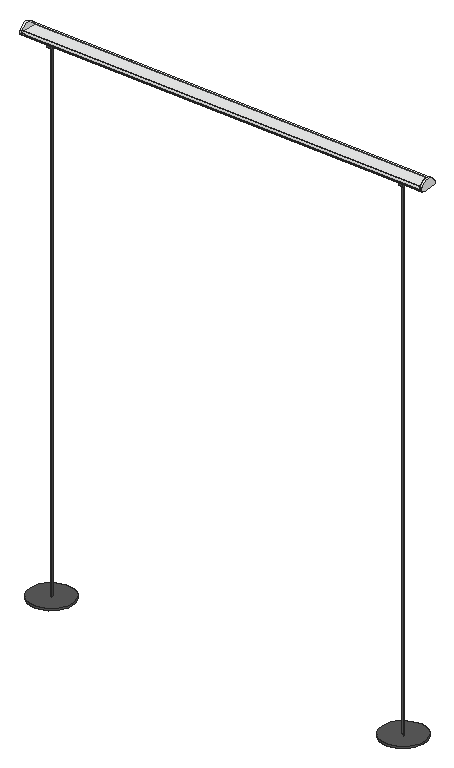
Revit family "eeee", category Lighting Fixtures, host Face, Revit 2019
Family settings
  Host = Face
  Round Connector Dimension = Use Diameter
  Part Type = Normal
  OmniClass Number = 23.80.70.11
  OmniClass Title = Luminaries for Internal Lighting
  Cut with Voids When Loaded = No
  Light Source = Yes
  Shared = No
  Room Calculation Point = No
Parameters (values of type "Not a type - Load Type Catalog!")
  z_TM = T-Grid Mount : T-Grid Mount (TM)
  z_SM = Surface Mount : Surface Mount (SM)
  z_Mep Y Distance [instance] = if(z_CeilingM, 0' 0", 0' 3")  # 0' - 0"
  z_Light Position [instance] = if(not(Mounting Option = z_SM), [z_Cord/Rod Length Control] + 0' 1 51/256", if(Mounting Option = z_SM, 0' 1 83/256", 0' 2 81/256"))  # 5' - 1 51/256"
  z_Lamp Length 8’ = Length = 8' 0"  # no
  z_Lamp Length 4’ = Length = 4' 0"  # yes
  z_Cord/Rod Length Control [instance] = if(Mounting Option = z_SM, 0' 0 1/8", if([Cord/Rod Length] < 0' 3", 0' 3", [Cord/Rod Length]))  # 5' - 0"
  z_Ceiling_SM [instance] = Mounting Option = z_SM  # no
  z_Ceiling_PM [instance] = not(Mounting Option = z_SM)  # yes
  z_CeilingM [instance] = yes
  z_AL = Aircraft Cable : with Loops
  z_AC = Aircraft Cable : with Canopy
  Width = 0' - 1 115/128"  # constant formula
  Weight = if(Length = 8' 0", 4.00 lbf, if(Length = 4' 0", 2.75 lbf, 0.00 lbf))  # 2.75 lbf
  Wattage Comments = "Efficacy up to 150 lm/W"
  Wattage = 21.7391 W
  Voltage Range = "120-277V"
  built-in parameter 1150110 = 1 (stored number, unit not read)
  Voltage = 120 V
  URL = "https://starteklightingamerica.com/starbar/"
  Type Comments = "Linear Lighting Fixture"  # constant formula
  built-in parameter 1114217 = 1 (stored number, unit not read)
  Tilt Angle [instance] = 90.00°  # constant formula
  built-in parameter 1150109 = 1 (stored number, unit not read)
  built-in parameter 1150134 = (empty or 0)
  built-in parameter 1150113 = 1 (stored number, unit not read)
  Product data url = "https://www.bimobject.com/startek-lighting/product/starbar"
  Product Material [instance] = StarTek Lighting - Aluminum - Clear Anodized
  Product Guid = "2f96f888-5d7d-4f30-895e-11e65231a340"
  Power Factor = 0.93
  Photometric Web File = "Generic Light Source Shown : Please download and link the IES file that best matches your fixture specification"
  Photometric Note = "Import IES files https://starteklightingamerica.com/"  # constant formula
  Phase = 1
  Output = ""
  Number of Poles = 3
  Mounting Option [instance] = Aircraft Cable : with Canopy
  Mount Finish Note [instance] = "Aircraft Cable mount can be ordered in white (ACW, ALW) or black (ACB, ALB)"  # constant formula
  Mount Finish [instance] = StarTek Lighting - Aluminum - Powder Coat Black
  Model = "StarBar"
  Manufacturer = "StarTek Lighting"  # constant formula
  built-in parameter 1150105 = 238.73 (stored number, unit not read)
  Lumens = 3000 lm
  built-in parameter 1150115 = 1 (stored number, unit not read)
  built-in parameter 1150137 = (empty or 0)
  built-in parameter 1150139 = (empty or 0)
  Length = 4' - 0"
  built-in parameter 1150112 = 1 (stored number, unit not read)
  built-in parameter 1150114 = 1 (stored number, unit not read)
  Lamp = "LED"  # constant formula
  Keynote = "16500"  # constant formula
  Input Wattage = 0 W
  built-in parameter 1150132 = 2
  built-in parameter 1150102 = (empty or 0)
  built-in parameter 1150107 = 3000 (stored number, unit not read)
  built-in parameter 1150138 = (empty or 0)
  built-in parameter 1150106 = 2.3873 (stored number, unit not read)
  Height = 0' - 1 51/256"  # constant formula
  Frequency = 60 Hz
  Emit from Rectangle Width [instance] = 0' - 1 199/256"  # constant formula
  Emit from Rectangle Length [instance] = Length - 0' 0 1/2"  # 3' - 11 1/2"
  Emit Shape Visible in Rendering = 2 < 1  # no
  Edition number = 1
  Distribution = ""
  Description = "StarBar"  # constant formula
  built-in parameter 1150104 = 12.821 (stored number, unit not read)
  Dimming Lamp Color Temperature Shift = <None>
  Default Elevation = 4' - 0"
  Cord/Rod Length [instance] = 5' - 0"
  Color Filter = 16777215
  Color [instance] = "Available options: Clear Anodize (CA), Black Anodize (BA), Powder Coat Other (PO)"  # constant formula
  CRI = "80"
  built-in parameter 1114218 = 1 (stored number, unit not read)
  built-in parameter 1150133 = 10 (stored number, unit not read)
  Assembly Code = "D5020200"
  Apparent Load = Input Wattage / (Number of Poles * Power Factor)  # 0 VA
Reference planes (in)
  plane 1 "Center (Front/Back)": y = 0
  plane 2: z = 0
  plane 3 "Center (Left/Right)": x = 0
  plane 4 "None": z = 60
  plane 5: x = -21.21875
  plane 6 "Light source": z = 61.19922
  plane 7 "Light Vertical": z = 60.49067
  plane 8 "Light Horizontal": y = 5.00837
  plane 9: z = 0.5
  plane 10: x = 21.21875
  plane 11: x = -21.75022
  plane 12: x = -20.68728
  plane 13: x = 20.68728
  plane 14: x = 21.75022
  plane 15: x = -22.2817
  plane 16: x = -20.1558
  plane 17: x = 20.1558
  plane 18: x = 22.2817
  plane 19: y = 0
  plane 20: x = -24
  plane 21: x = 24
Forms (in)
  Extrusion 1, solid, not visible
    sketch origin (0, 1.1511, -0.03147) x (1, 0, 0) y (0, 0, 1)
      loop
        line (-21.25022, 0.03147) -> (-21.25022, -0.03147) -> (-21.18728, -0.03147) -> (-21.18728, 0.03147) -> (-21.25022, 0.03147)
    from 1.1394 to 1.16281
  Extrusion 2, solid, material "StarTek Lighting - Aluminum - Clear Anodized" <- "Product Material", visible <- "z_Ceiling_SM"
    sketch origin (0, 0, 0) x (1, 0, 0) y (0, 1, 0)
      loop
        line (-22.2817, -0.75) -> (-21.37482, -0.75) -> (-21.37482, -1.5) -> (-21.06268, -1.5) -> (-21.06268, -0.75) -> (-20.1558, -0.75) -> (-20.1558, 0.75) -> (-21.06268, 0.75) -> (-21.06268, 1.5) -> (-21.37482, 1.5) -> (-21.37482, 0.75) -> (-22.2817, 0.75) -> (-22.2817, -0.75)
      loop
        line (20.1558, -0.75) -> (21.06268, -0.75) -> (21.06268, -1.5) -> (21.37482, -1.5) -> (21.37482, -0.75) -> (22.2817, -0.75) -> (22.2817, 0.75) -> (21.37482, 0.75) -> (21.37482, 1.5) -> (21.06268, 1.5) -> (21.06268, 0.75) -> (20.1558, 0.75) -> (20.1558, -0.75)
    from 0 to 0.125
Dimensions and locks (in)
  Extrusion 1 sketch curve to level to Extrusion 1 sketch curve = 0' - 0", 0' - 0.06295"
  "z_Light Position": plane 6 "Light source" to host face
  locked: plane 8 "Light Horizontal" to plane 1 "Center (Front/Back)" at 5.00837
  plane 11 to plane 5 to plane 12 = 0' - 0.53147" locked, 0' - 0.53147" locked
  plane 13 to plane 10 to plane 14 = 0' - 0.53147" locked, 0' - 0.53147" locked
  plane 15 to plane 5 to plane 16 = 0' - 1.06295" locked, 0' - 1.06295" locked
  plane 17 to plane 10 to plane 18 = 0' - 1.06295" locked, 0' - 1.06295" locked
  locked: plane 7 "Light Vertical" to plane 4 "None" at 0.49067
  "z_Mep Y Distance": plane 1 "Center (Front/Back)" to plane 19
  equal spacing: Extrusion 1, plane 19, Extrusion 1
  locked: Extrusion 1 to Extrusion 1 at 0.0234
  "z_Cord/Rod Length Control": plane 4 "None" to level
  Extrusion 1 to plane 19 to Extrusion 1 = 0' - 0 3/256" locked, 0' - 0 3/256" locked
  locked: plane 9 to level at 0.5
  equal spacing: plane 21, plane 3 "Center (Left/Right)", plane 20
  "Length": plane 21 to plane 20
  locked: plane 5 to plane 20 at 2.78125
  locked: plane 10 to plane 21 at 2.78125
  Extrusion 2 sketch curve to plane 5 to Extrusion 2 sketch curve = 0' - 0.15607" locked, 0' - 0.15607" locked  (x2)
  Extrusion 2 sketch curve to plane 1 "Center (Front/Back)" to Extrusion 2 sketch curve = 0' - 0 3/4" locked, 0' - 0 3/4" locked  (x3)
  Extrusion 2 sketch curve to plane 10 to Extrusion 2 sketch curve = 0' - 0.15607" locked, 0' - 0.15607" locked  (x2)
  Extrusion 2 sketch curve to Extrusion 2 sketch curve to plane 1 "Center (Front/Back)" to Extrusion 2 sketch curve to Extrusion 2 sketch curve = 0' - 0 3/4" locked, 0' - 0 3/4" locked, 0' - 0 3/4" locked, 0' - 0 3/4" locked
  aligned and locked: plane 2 to host face
  aligned and locked: level to host face
  aligned and locked: imposter light to plane 6 "Light source"
  aligned and locked: plane 3 "Center (Left/Right)" to nested 3
  aligned and locked: plane 5 to nested 2
  aligned and locked: nested 1 to plane 10
  aligned and locked: plane 15 to Extrusion 2 sketch curve
  aligned and locked: plane 16 to Extrusion 2 sketch curve
  aligned and locked: plane 17 to Extrusion 2 sketch curve
  aligned and locked: plane 18 to Extrusion 2 sketch curve
Automatic sketch dimensions
  host sketch curve to host sketch curve = 8' - 0"  (x2)
  Extrusion 1 sketch curve to plane 5 = 0' - 0.03147"
  plane 5 to Extrusion 1 sketch curve = 0' - 0.03147"
  Extrusion 2 sketch curve to Extrusion 2 sketch curve = 0' - 0 3/4"  (x2)
Nested families (in)
  nested 1: "Aircraft Cable" at (21.21875, 0, 0), type <- "Mounting Option", visible <- "z_Ceiling_PM", Cord length <- "z_Cord/Rod Length Control", type "with Canopy"
    with Cord length control 5' - 0", Cord length 5' - 0", Canopy yes
  nested 2: "Aircraft Cable" at (-21.21875, 0, 0), type <- "Mounting Option", visible <- "z_Ceiling_PM", Cord length <- "z_Cord/Rod Length Control", type "with Canopy"
    with Cord length control 5' - 0", Cord length 5' - 0", Canopy yes
  nested 3: "Lightning fixture" at (-0.3935, 0, 60.49067), visible <- "z_CeilingM", type "StarBar"
    with Wall yes, Ceiling no
Connectors (in)
  electrical at (-21.21875, 0, 0), driven by "Number of Poles", driven by "Voltage", driven by "Apparent Load", driven by "Power Factor", driven by "Apparent Load", driven by "Apparent Load"
    settings: on Extrusion 1, index 1, voltage 120 V, apparent load 0 VA, apparent load phase1 0 VA, apparent load phase2 0 VA, apparent load phase3 0 VA, power factor 0.93, load classification "Other", number of poles 3, system type 31, power factor state 1, is connector primary yes, connector utility no, sub classification motor no, connector description "Connector for Electrical Power"
Definition of nested family "Aircraft Cable"
  Parameters (values of type "with Loops 10'(AL10)")
    TM = no
    Height = 0' - 0"
    Default Elevation = 4' - 0"
    Cord material = none
    MAX cord length = 10' - 0"
    Cord length control [instance] = if(Cord length < 0' 0 1/2", 0' 0 1/2", Cord length)  # 3' - 0"
    Cord length [instance] = 3' - 0"
    Canopy = no
    ACAL = yes
  Types (4): name | MAX cord length | Canopy
    with Loops 10'(AL10) | 10' - 0" | no
    with Loops 5' (AL05) | 5' - 0" | no
    with Canopy 5' (AC05) | 5' - 0" | yes
    with Canopy 10' (AC10) | 10' - 0" | yes
  Reference planes (in)
    plane 1 "Center (Front/Back)": y = 0
    plane 2: z = 0
    plane 3 "Center (Left/Right)": x = 0
    plane 4 "canopy plane": z = 36
    plane 5: z = 35.5
    plane 6: z = 33.16358
  Forms (in)
    Extrusion 1, solid, material <- "Cord material", visible <- "ACAL", detail levels coarse
      sketch origin (0, 0, 0) x (1, 0, 0) y (0, 1, 0)
        loop
          circle (0, 0) r 0.09375
      from 0 to 36
    Extrusion 2, solid, material <- "Cord material", visible <- "Canopy"
      sketch origin (0, 0, 0.19141) x (-1, 0, 0) y (0, -1, 0)
        loop
          circle (0, 0) r 2.5
      from 0 to -0.19141
    Extrusion 3, solid, material <- "Cord material", visible <- "Canopy", not visible
      sketch origin (0, 0, 36) x (-1, 0, 0) y (0, -1, 0)
        loop
          circle (0, 0) r 2.5
      from 0 to -0.19141
    Extrusion 4, solid, material <- "Cord material", detail levels medium+fine
      sketch origin (0, 0, -24.00077) x (0, 1, 0) y (0, 0, 1)
        loop
          line (0.29883, 60.07585) -> (0.29883, 59.53202) -> (-0.29883, 59.53202) -> (-0.29883, 60.07585) -> (-0.0957, 60.07585) -> (-0.0957, 60.1071) -> (-0.33008, 60.1071) -> (-0.33008, 59.50077) -> (0.33008, 59.50077) -> (0.33008, 60.1071) -> (0.0957, 60.1071) -> (0.0957, 60.07585) -> (0.29883, 60.07585)
      from -0.2653 to 0.25
    Extrusion 5, solid, material <- "Cord material", visible <- "ACAL", detail levels medium+fine
      sketch origin (0, 0, 0) x (1, 0, 0) y (0, 1, 0)
        loop
          circle (0, 0) r 0.09375
      from 0 to 35.5
    Extrusion 6, solid, material <- "Cord material", visible <- "TM"
      sketch origin (0, 0, -25.50077) x (0, 1, 0) y (0, 0, 1)
        loop
          line (0.20312, 60.96952) -> (-0.20312, 60.96952) -> (-0.20312, 60.4257) -> (0.20312, 60.4257) -> (0.20312, 60.96952)
        loop
          line (0.23437, 61.00077) -> (-0.23437, 61.00077) -> (-0.23437, 60.39445) -> (-0.01562, 60.39445) -> (-0.01562, 59.8791) -> (-0.07332, 59.82141) -> (-0.07332, 59.24735) -> (-0.01562, 59.18965) -> (-0.01562, 58.66435) -> (0.01562, 58.66435) -> (0.01562, 59.18965) -> (0.07332, 59.24735) -> (0.07332, 59.82141) -> (0.01562, 59.8791) -> (0.01562, 60.39445) -> (0.23437, 60.39445) -> (0.23437, 61.00077)
        loop
          line (0.04207, 59.80847) -> (0, 59.85054) -> (-0.04207, 59.80847) -> (-0.04207, 59.26029) -> (0, 59.21822) -> (0.04207, 59.26029) -> (0.04207, 59.80847)
      from -0.2653 to 0.25
    Extrusion 7, solid, material <- "Cord material", visible <- "TM"
      sketch origin (0, 0, 0) x (1, 0, 0) y (0, 1, 0)
        loop
          circle (0, 0) r 0.09375
      from 0 to 33.16358
  Dimensions and locks (in)
    "Cord length control": plane 4 "canopy plane" to plane 2
    locked: plane 4 "canopy plane" to plane 5 at 0.5
    Extrusion 4 to plane 3 "Center (Left/Right)" to Extrusion 4 = 0' - 0.2653" locked, 0' - 0 1/4" locked
    Extrusion 6 to Extrusion 6 = 0' - 0.5153"
    locked: plane 5 to plane 6 at 2.33642
    aligned and locked: plane 2 to level
    aligned and locked: plane 4 "canopy plane" to Extrusion 1
    aligned and locked: Extrusion 2 to plane 2
    aligned and locked: plane 5 to Extrusion 5
    aligned and locked: Extrusion 5 to level
    aligned and locked: Extrusion 7 to plane 6
  Automatic sketch dimensions
    plane 1 "Center (Front/Back)" to Extrusion 1 sketch curve = 0' - 0"
    Extrusion 1 sketch curve to plane 3 "Center (Left/Right)" = 0' - 0"
    Extrusion 4 sketch curve to plane 5 = 0' - 0"
    plane 4 "canopy plane" to Extrusion 4 sketch curve = 0' - 0.10632"
    plane 1 "Center (Front/Back)" to Extrusion 4 sketch curve = 0' - 0.33008"
    Extrusion 4 sketch curve to Extrusion 4 sketch curve = 0' - 0 1/32"  (x4)
    plane 1 "Center (Front/Back)" to Extrusion 4 sketch curve = 0' - 0.0957"
    Extrusion 4 sketch curve to plane 1 "Center (Front/Back)" = 0' - 0.0957"
    plane 4 "canopy plane" to Extrusion 4 sketch curve = 0' - 0.07507"
    Extrusion 4 sketch curve to Extrusion 4 sketch curve = 0' - 0 13/64"
    plane 5 to Extrusion 4 sketch curve = 0' - 0 1/32"
    plane 1 "Center (Front/Back)" to Extrusion 5 sketch curve = 0' - 0"
    Extrusion 5 sketch curve to plane 3 "Center (Left/Right)" = 0' - 0"
    Extrusion 6 sketch curve to plane 5 = 0' - 0"
    Extrusion 6 sketch curve to plane 1 "Center (Front/Back)" = 0' - 0"  (x2)
    plane 1 "Center (Front/Back)" to Extrusion 6 sketch curve = 0' - 0 1/64"  (x2)
    plane 1 "Center (Front/Back)" to Extrusion 6 sketch curve = 0' - 0.04207"
    Extrusion 6 sketch curve to Extrusion 6 sketch curve = 0' - 0 1/32"  (x6)
    Extrusion 6 sketch curve to plane 5 = 0' - 0 1/32"
    plane 1 "Center (Front/Back)" to Extrusion 6 sketch curve = 0' - 0 13/64"
    Extrusion 6 sketch curve to plane 1 "Center (Front/Back)" = 0' - 0 1/64"  (x2)
    Extrusion 6 sketch curve to plane 1 "Center (Front/Back)" = 0' - 0.04207"
    Extrusion 6 sketch curve to plane 1 "Center (Front/Back)" = 0' - 0 13/64"
    Extrusion 6 sketch curve to Extrusion 6 sketch curve = 0' - 0.54382"
    Extrusion 6 sketch curve to Extrusion 6 sketch curve = 0' - 0.51534"
    Extrusion 6 sketch curve to Extrusion 6 sketch curve = 0' - 0"  (x3)
    Extrusion 6 sketch curve to Extrusion 6 sketch curve = 0' - 0.02857"  (x2)
    Extrusion 6 sketch curve to Extrusion 6 sketch curve = 0' - 0.02913"  (x2)
    Extrusion 6 sketch curve to Extrusion 6 sketch curve = 0' - 0.01294"  (x3)
    Extrusion 6 sketch curve to Extrusion 6 sketch curve = 0' - 0.54818"
    Extrusion 6 sketch curve to Extrusion 6 sketch curve = 0' - 0.5253"
    plane 1 "Center (Front/Back)" to Extrusion 7 sketch curve = 0' - 0"
    Extrusion 7 sketch curve to plane 3 "Center (Left/Right)" = 0' - 0"
    radius of Extrusion 2 sketch curve = 0' - 2 1/2"
    radius of Extrusion 3 sketch curve = 0' - 2 1/2"
    radius of Extrusion 1 sketch curve = 0' - 0 3/32"
    radius of Extrusion 5 sketch curve = 0' - 0 3/32"
    radius of Extrusion 7 sketch curve = 0' - 0 3/32"
Definition of nested family "Lightning fixture"
  Parameters (values of type "6")
    Width = 0' - 1 115/128"  # constant formula
    Wall [instance] = no
    Length = 4' - 0"
    Lamp length 8' = no
    Lamp Finish = none
    Housing Material = none
    Height = 0' - 1 51/256"  # constant formula
    Default Elevation = 4' - 0"
    Ceiling [instance] = yes
    BeamD-8 = no
    BeamD-4 = yes
  Types (4): name
    8
    2
    4
    6
  Reference planes (in)
    plane 1 "Center (Front/Back)": y = 0
    plane 2: z = 0
    plane 3 "Center (Left/Right)": x = 0.3935
    plane 4: z = -0.49163
    plane 5: x = -23.8565
    plane 6: x = 24.6435
    plane 7: y = 0.94922
    plane 8: y = -0.94922
    plane 9: y = 0.765
    plane 10: y = -0.765
    plane 11: z = -0.41967
    plane 12: z = -0.31671
    plane 13: z = -0.25371
    plane 14: z = 0.09039
    plane 15: z = 0.18379
    plane 16: x = -21.488
    plane 17: x = -20.4373
    plane 18: x = 22.275
    plane 19: x = 21.2243
    plane 20: x = 21.3177
    plane 21: x = -20.5307
    plane 22: x = -23.6065
    plane 23: x = 24.3935
    plane 24: z = 0.70759
  Forms (in)
    Extrusion 1, solid
      sketch origin (0, 0, 0) x (1, 0, 0) y (0, 1, 0)
        loop
          line (-48, 48) -> (-48, -48) -> (48, -48) -> (48, 48) -> (-48, 48)
      from 0 to -12
    Extrusion 2, solid, material <- "Lamp Finish", detail levels coarse
      sketch origin (0, 0, 0) x (1, 0, 0) y (0, 1, 0)
        loop
          line (24.6435, -0.94922) -> (24.6435, 0.94922) -> (-23.8565, 0.94922) -> (-23.8565, -0.94922) -> (24.6435, -0.94922)
      from -0.49067 to 0.70759
    Sweep 3, solid, detail levels medium+fine
      path origin (0, 0, 0) x (1, 0, 0) y (0, 1, 0)
        loop
          line (24.3935, 0) -> (-23.6065, 0)
      profile origin (0.3935, 0, 0) x (0, -1, 0) y (0, 0, 1)
        loop
          arc (0.88934, 0.11443) -> (0, 0.70759) -> (-0.88934, 0.11443) r 0.96328
          line (-0.88934, 0.11443) -> (-0.802, 0.11443)
          arc (-0.802, 0.11443) -> (0, 0.62759) -> (0.802, 0.11443) r 0.88328
          line (0.802, 0.11443) -> (0.88934, 0.11443)
    Extrusion 4, solid, material <- "Lamp Finish", detail levels medium+fine
      sketch origin (0.3935, 0, 0) x (0, 1, 0) y (0, 0, 1)
        loop
          arc (0.72261, -0.29126) -> (0.8635, -0.29169) -> (0.92804, -0.16644) r 0.135
          arc (0.92804, -0.16644) -> (0.93987, -0.02171) -> (0.88934, 0.11443) r 0.335
          arc (0.88934, 0.11443) -> (0, 0.70759) -> (-0.88934, 0.11443) r 0.96328
          arc (-0.88934, 0.11443) -> (-0.93987, -0.02171) -> (-0.92804, -0.16644) r 0.335
          arc (-0.92804, -0.16644) -> (-0.8635, -0.29169) -> (-0.72261, -0.29126) r 0.135
          line (-0.72261, -0.29126) -> (-0.59417, -0.29126) -> (-0.40402, -0.36482) -> (0.40473, -0.36482) -> (0.59132, -0.29126) -> (0.72261, -0.29126)
      from 24 to 24.25
    Extrusion 5, solid, material <- "Lamp Finish", detail levels medium+fine
      sketch origin (0.3935, 0, 0) x (0, 1, 0) y (0, 0, -1)
        loop
          line (-0.40402, 0.36482) -> (-0.59417, 0.29126) -> (-0.72261, 0.29126)
          arc (-0.72261, 0.29126) -> (-0.8635, 0.29169) -> (-0.92804, 0.16644) r 0.135
          arc (-0.92804, 0.16644) -> (-0.93987, 0.02171) -> (-0.88934, -0.11443) r 0.335
          arc (-0.88934, -0.11443) -> (0, -0.70759) -> (0.88934, -0.11443) r 0.96328
          arc (0.88934, -0.11443) -> (0.93987, 0.02171) -> (0.92804, 0.16644) r 0.335
          arc (0.92804, 0.16644) -> (0.8635, 0.29169) -> (0.72261, 0.29126) r 0.135
          line (0.72261, 0.29126) -> (0.59132, 0.29126) -> (0.40473, 0.36482) -> (-0.40402, 0.36482)
      from 24 to 24.25
    Sweep 6, solid, material <- "Lamp Finish", detail levels medium+fine
      path origin (0, 0, 0) x (1, 0, 0) y (0, 1, 0)
        loop
          line (24.3935, 0) -> (-23.6065, 0)
      profile origin (0.3935, 0, 0) x (0, -1, 0) y (0, 0, 1)
        loop
          line (-0.29947, -0.49068) -> (0.29947, -0.49065) -> (0.2995, -0.41587) -> (0.09578, -0.41588) -> (0.09578, -0.36482) -> (0.40402, -0.36482) -> (0.59417, -0.29126) -> (0.72261, -0.29126)
          arc (0.72261, -0.29126) -> (0.8635, -0.29169) -> (0.92804, -0.16644) r 0.135
          arc (0.92804, -0.16644) -> (0.93987, -0.02171) -> (0.88934, 0.11443) r 0.335
          line (0.88934, 0.11443) -> (-0.88934, 0.11443)
          arc (-0.88934, 0.11443) -> (-0.93987, -0.02171) -> (-0.92804, -0.16644) r 0.335
          arc (-0.92804, -0.16644) -> (-0.8635, -0.29169) -> (-0.72261, -0.29126) r 0.135
          line (-0.72261, -0.29126) -> (-0.59132, -0.29126) -> (-0.40473, -0.36482) -> (-0.09575, -0.36482) -> (-0.09575, -0.41588) -> (-0.29944, -0.41587) -> (-0.29947, -0.49068)
  Lines and regions (in)
    Masking region 1
      outline origin (0, 0, 0) x (1, 0, 0) y (0, 1, 0)
        loop
          line (-23.8565, 0.94922) -> (-23.8565, -0.94922) -> (24.6435, -0.94922) -> (24.6435, 0.94922) -> (-23.8565, 0.94922)
    Masking region 2, detail levels medium+fine
      outline origin (0, 0, 0) x (1, 0, 0) y (0, 1, 0)
        loop
          line (-23.8565, 0.94922) -> (-23.8565, -0.94922) -> (-23.6065, -0.94922) -> (-23.6065, 0.94922) -> (-23.8565, 0.94922)
        loop
          line (24.3935, 0.94922) -> (24.3935, -0.94922) -> (24.6435, -0.94922) -> (24.6435, 0.94922) -> (24.3935, 0.94922)
    Masking region 3, detail levels medium+fine
      outline origin (0, 0, 0) x (1, 0, 0) y (0, 1, 0)
        loop
          line (-23.6065, -0.74867) -> (24.3935, -0.74867) -> (24.3935, 0.76647) -> (-23.6065, 0.76647) -> (-23.6065, -0.74867)
    Masking region 4, detail levels fine
      outline origin (0, 0, 0) x (1, 0, 0) y (0, 1, 0)
        loop
          line (-23.6065, 0.94479) -> (-23.6065, 0.76647) -> (24.3935, 0.76647) -> (24.3935, 0.94479) -> (-23.6065, 0.94479)
        loop
          line (-23.6065, -0.94482) -> (24.3935, -0.94482) -> (24.3935, -0.74867) -> (-23.6065, -0.74867) -> (-23.6065, -0.94482)
  Dimensions and locks (in)
    equal spacing: plane 5, plane 3 "Center (Left/Right)", plane 6
    plane 17 to plane 21 to plane 16 to plane 5 = 0' - 0.0934" locked, 0' - 0.9573" locked, 0' - 2.3685" locked
    plane 19 to plane 20 to plane 18 to plane 6 = 0' - 0.0934" locked, 0' - 0.9573" locked, 0' - 2.3685" locked
    locked: plane 5 to plane 22 at 0.25
    locked: plane 23 to plane 6 at 0.25
    "Length": plane 22 to plane 23
    equal spacing: plane 7, plane 1 "Center (Front/Back)", plane 8
    "Width": plane 7 to plane 8
    plane 11 to plane 12 to plane 13 to plane 2 to plane 14 to plane 15 = 0' - 0.10296" locked, 0' - 0.063" locked, 0' - 0.25371" locked, 0' - 0.09039" locked, 0' - 0.0934" locked
    "Height": plane 4 to plane 24
    locked: plane 4 to plane 11 at 0.07196
    aligned and locked: plane 2 to Extrusion 1
    aligned and locked: level to Extrusion 1
    aligned and locked: Extrusion 2 to plane 5
    aligned and locked: Sweep 3 sketch curve to plane 1 "Center (Front/Back)"
    aligned and locked: Extrusion 2 to plane 24
    aligned and locked: Sweep 6 sketch curve to plane 1 "Center (Front/Back)"
    aligned and locked: plane 22 to Sweep 6 sketch curve
    aligned and locked: plane 23 to Sweep 6 sketch curve
    aligned and locked: plane 22 to Sweep 3 sketch curve
    aligned and locked: plane 23 to Sweep 3 sketch curve
    aligned and locked: Masking region 1 sketch curve to plane 6
    aligned and locked: Masking region 1 sketch curve to plane 7
    aligned and locked: plane 8 to Masking region 1 sketch curve
    aligned and locked: plane 5 to Masking region 1 sketch curve
    aligned and locked: Masking region 2 sketch curve to plane 7  (x2)
    aligned and locked: Masking region 2 sketch curve to plane 23
    aligned and locked: Masking region 2 sketch curve to plane 6
    aligned and locked: plane 5 to Masking region 2 sketch curve
    aligned and locked: plane 22 to Masking region 2 sketch curve
    aligned and locked: Masking region 3 sketch curve to plane 22
    aligned and locked: Masking region 3 sketch curve to plane 23
    aligned and locked: plane 22 to Masking region 4 sketch curve
    aligned and locked: Masking region 4 sketch curve to plane 23
    aligned and locked: plane 23 to Extrusion 4
    aligned and locked: plane 6 to Extrusion 4
    aligned and locked: Extrusion 5 to plane 22
    aligned and locked: Extrusion 5 to plane 5
    aligned and locked: plane 8 to Masking region 2 sketch curve  (x2)
  Automatic sketch dimensions
    Extrusion 1 sketch curve to Extrusion 1 sketch curve = 8' - 0"  (x2)
    Extrusion 2 sketch curve to plane 5 = 0' - 0"
    Extrusion 2 sketch curve to plane 6 = 0' - 0"
    Extrusion 2 sketch curve to plane 8 = 0' - 0"
    Extrusion 2 sketch curve to plane 7 = 0' - 0"
    Masking region 4 sketch curve to plane 10 = 0' - 0.17982"
    plane 9 to Masking region 4 sketch curve = 0' - 0.17979"
    plane 9 to Masking region 4 sketch curve = 0' - 0.00147"
    plane 10 to Masking region 4 sketch curve = 0' - 0.01633"
    Masking region 4 sketch curve to plane 22 = 0' - 0"
    Masking region 4 sketch curve to plane 23 = 0' - 0"
    plane 10 to Masking region 3 sketch curve = 0' - 0.01633"
    Extrusion 5 sketch curve to plane 1 "Center (Front/Back)" = 0' - 0"
    plane 12 to Extrusion 5 sketch curve = 0' - 0.04811"
    plane 10 to Extrusion 5 sketch curve = 0' - 0.36098"
    Extrusion 5 sketch curve to plane 12 = 0' - 0.02545"  (x2)
    plane 10 to Extrusion 5 sketch curve = 0' - 0.17083"
    Extrusion 5 sketch curve to level = 0' - 0.06744"  (x2)
    plane 10 to Extrusion 5 sketch curve = 0' - 0.15699"
    plane 10 to Extrusion 5 sketch curve = 0' - 0.04239"
    Extrusion 5 sketch curve to plane 10 = 0' - 0.02841"
    Extrusion 5 sketch curve to plane 9 = 0' - 0.36027"
    Extrusion 5 sketch curve to plane 9 = 0' - 0.17368"
    Extrusion 5 sketch curve to plane 9 = 0' - 0.15699"
    Extrusion 5 sketch curve to plane 9 = 0' - 0.04239"
    plane 9 to Extrusion 5 sketch curve = 0' - 0.02841"
    Extrusion 5 sketch curve to plane 13 = 0' - 0.0774"
    Extrusion 5 sketch curve to Extrusion 5 sketch curve = 0' - 0.11495"
    plane 13 to Extrusion 5 sketch curve = 0' - 0.00198"
    Extrusion 5 sketch curve to plane 14 = 0' - 0.02403"  (x2)
    plane 8 to Extrusion 5 sketch curve = 0' - 0.05988"
    Extrusion 4 sketch curve to plane 1 "Center (Front/Back)" = 0' - 0"
    plane 12 to Extrusion 4 sketch curve = 0' - 0.04811"
    plane 10 to Extrusion 4 sketch curve = 0' - 0.36098"
    Extrusion 4 sketch curve to plane 12 = 0' - 0.02545"  (x2)
    plane 10 to Extrusion 4 sketch curve = 0' - 0.17083"
    Extrusion 4 sketch curve to level = 0' - 0.06744"  (x2)
    plane 10 to Extrusion 4 sketch curve = 0' - 0.15699"
    plane 10 to Extrusion 4 sketch curve = 0' - 0.04239"
    Extrusion 4 sketch curve to plane 10 = 0' - 0.02841"
    Extrusion 4 sketch curve to plane 9 = 0' - 0.36027"
    Extrusion 4 sketch curve to plane 9 = 0' - 0.17368"
    Extrusion 4 sketch curve to plane 9 = 0' - 0.15699"
    Extrusion 4 sketch curve to plane 9 = 0' - 0.04239"
    plane 9 to Extrusion 4 sketch curve = 0' - 0.02841"
    plane 13 to Extrusion 4 sketch curve = 0' - 0.00198"
    Extrusion 4 sketch curve to plane 13 = 0' - 0.0774"
    Extrusion 4 sketch curve to Extrusion 4 sketch curve = 0' - 0.11495"
    Extrusion 4 sketch curve to plane 14 = 0' - 0.02403"  (x2)
    plane 8 to Extrusion 4 sketch curve = 0' - 0.05988"
    Sweep 6 sketch curve to Sweep 6 sketch curve = 0' - 0.20369"  (x2)
    Sweep 6 sketch curve to Sweep 6 sketch curve = 0' - 0.00003"  (x2)
    Sweep 6 sketch curve to Sweep 6 sketch curve = 0' - 0.10529"
    Sweep 6 sketch curve to level = 0' - 0.06744"  (x2)
    Sweep 6 sketch curve to Sweep 6 sketch curve = 0' - 0.01669"
    Sweep 6 sketch curve to Sweep 6 sketch curve = 0' - 0.07079"  (x2)
    Sweep 6 sketch curve to Sweep 6 sketch curve = 0' - 0.10453"
    Sweep 6 sketch curve to Sweep 6 sketch curve = 0' - 0.01384"
    Sweep 6 sketch curve to Sweep 6 sketch curve = 0' - 0.12844"
    Sweep 6 sketch curve to Sweep 6 sketch curve = 0' - 0"
    Sweep 6 sketch curve to Sweep 6 sketch curve = 0' - 0.05105"  (x2)
    Sweep 6 sketch curve to Sweep 6 sketch curve = 0' - 0.05106"  (x2)
    Sweep 6 sketch curve to Sweep 6 sketch curve = 0' - 0.11495"  (x2)
    Sweep 6 sketch curve to Sweep 6 sketch curve = 0' - 0.13464"
    Sweep 6 sketch curve to Sweep 6 sketch curve = 0' - 0.1854"
    profile plane to Sweep 6 sketch curve = 0' - 0.79341"
    Sweep 6 sketch curve to Sweep 6 sketch curve = 0' - 0.18659"
    Sweep 6 sketch curve to Sweep 6 sketch curve = 0' - 0.07477"
    Sweep 6 sketch curve to level = 0' - 0.36482"
    Sweep 6 sketch curve to profile plane = 0' - 0.09578"
    Sweep 6 sketch curve to Sweep 6 sketch curve = 0' - 0.0748"
    Sweep 6 sketch curve to level = 0' - 0.29126"
    Sweep 6 sketch curve to Sweep 6 sketch curve = 0' - 0.19014"
    plane 9 to Masking region 3 sketch curve = 0' - 0.00147"
    Sweep 3 sketch curve to Sweep 3 sketch curve = 0' - 0"  (x2)
    Sweep 3 sketch curve to profile plane = 0' - 0"
    level to Sweep 3 sketch curve = 0' - 0.11443"
    Sweep 3 sketch curve to Sweep 3 sketch curve = 0' - 0.08734"  (x2)
    Sweep 3 sketch curve to level = 0' - 0.25569"
    Sweep 3 sketch curve to profile plane = 0' - 0.802"
    Sweep 6 sketch curve to Sweep 6 sketch curve = 0' - 0.07356"
    level to Sweep 6 sketch curve = 0' - 0.11443"
    Sweep 6 sketch curve to Sweep 6 sketch curve = 0' - 0.09594"
